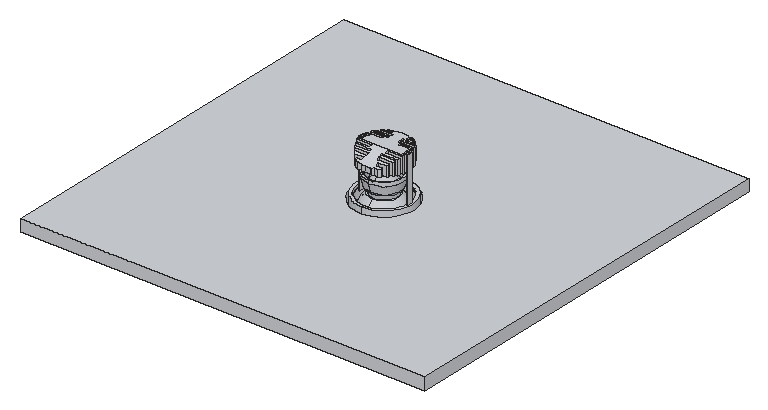
Revit family "Ambiance-L100", category Lighting Fixtures, Revit 2014
Parameters (values of type "Quinta C100 Round")
  Wattage Comments = "8.3"
  Wattage = 8.3 W
  built-in parameter 1150110 = 1 (stored number, unit not read)
  Type Comments = "Recessed"
  Type = "Quninta C100"
  built-in parameter 1114217 = 1 (stored number, unit not read)
  Tilt Angle = 90.00°
  built-in parameter 1150109 = 1 (stored number, unit not read)
  built-in parameter 1150134 = (empty or 0)
  built-in parameter 1150113 = 1 (stored number, unit not read)
  Photometric Web File = "G0160-250mA.ies"
  O/A Diameter (mm) = "100"
  Model = "Quinta C100"
  Manufacturer = "Designed Architectural Lighting"
  Luminous flux of luminaire (lm) = "Up to 1050 lumens"
  Lumens = 1049.95 lm
  built-in parameter 1150115 = 1 (stored number, unit not read)
  built-in parameter 1150105 = 83.552 (stored number, unit not read)
  built-in parameter 1150137 = (empty or 0)
  built-in parameter 1150139 = (empty or 0)
  built-in parameter 1150112 = 1 (stored number, unit not read)
  built-in parameter 1150114 = 1 (stored number, unit not read)
  Lamp = "LED"
  built-in parameter 1150132 = (empty or 0)
  built-in parameter 1150102 = (empty or 0)
  built-in parameter 1150138 = (empty or 0)
  built-in parameter 1150107 = 3000 (stored number, unit not read)
  built-in parameter 1150106 = 0.83552 (stored number, unit not read)
  Height (mm) = "67"
  built-in parameter 1150104 = 11.752 (stored number, unit not read)
  Dimming Lamp Color Temperature Shift = <None>
  Description = "Recessed directional LED downlighter"
  Cut Out (mm) = "90"
  Colour temperature (K) = "2700 / 3000 / 4000"
  Color Filter = 16777215
  CRI = "80"
  built-in parameter 1114218 = 1 (stored number, unit not read)
  built-in parameter 1150133 = 10 (stored number, unit not read)
  Apparent Load = 8.3 VA
  Aperture (mm) = "68"
Reference planes
  plane 1 "Light Source Axis (F/B)": y = 0
  plane 2: z = 0
  plane 3 "Light Source Axis (L/R)": x = 0
  plane 4 "Light Source Elevation": z = 0
Forms (mm)
  Extrusion 1, solid
    sketch origin (-38.915, -66.181, 0) x (1, 0, 0) y (0, 1, 0)
      loop
        line (-261.085, 366.181) -> (-261.085, -233.819) -> (338.915, -233.819) -> (338.915, 366.181) -> (-261.085, 366.181)
      loop
        circle (38.915, 66.181) r 45
    from 0 to 18
  Revolve 2, solid
    sketch origin (0, 0, 23.75) x (0, 1, 0) y (0, 0, 1)
      loop
        line (0, 43.162) -> (15, 43.162) -> (15, 46.138) -> (0, 46.138) -> (0, 43.162)
      axis (0, 46.138) -> (0, 43.162)
    angle from 0 to 360
  Extrusion 3, solid
    sketch origin (-134.655, 0, 0) x (1, 0, 0) y (0, 1, 0)
      loop
        line (137.741, 33.016) -> (133.896, 33.016) -> (128.121, 33.016) -> (126.853, 31.748) -> (121.853, 31.748) -> (117.155, 30.037) -> (117.155, 29.216) -> (124.321, 29.216) -> (124.321, 26.255) -> (112.585, 26.255) -> (110.97, 24.64) -> (110.97, 23.63) -> (128.13, 23.63) -> (128.13, 20.669) -> (107.74, 20.669) -> (106.495, 19.424) -> (106.495, 18.381) -> (128.13, 18.381) -> (128.13, 15.488) -> (104.981, 15.488) -> (104.106, 15.488) -> (104.106, 12.46) -> (123.689, 12.46) -> (123.689, 9.633) -> (102.761, 9.633) -> (101.818, 9.633) -> (101.818, 7.413) -> (106.495, 7.413) -> (106.495, 4.25) -> (100.944, 4.25) -> (100.944, 1.424) -> (105.944, 1.424) -> (105.944, -1.604) -> (100.944, -1.604) -> (100.944, -3.997) -> (105.944, -3.997) -> (105.944, -7.272) -> (101.818, -7.272) -> (101.818, -9.508) -> (123.689, -9.508) -> (123.689, -13.008) -> (104.106, -13.008) -> (104.106, -15.296) -> (128.13, -15.296) -> (128.13, -18.189) -> (106.495, -18.189) -> (106.495, -19.23) -> (108.15, -20.885) -> (128.13, -20.885) -> (128.13, -23.693) -> (110.958, -23.693) -> (110.958, -24.678) -> (112.459, -26.178) -> (125.077, -26.178) -> (125.077, -29.146) -> (117.128, -29.146) -> (117.128, -30.167) -> (120.985, -31.965) -> (127.151, -31.965) -> (128.408, -33.223) -> (132.466, -33.223) -> (139.171, -33.223) -> (143.228, -33.223) -> (144.486, -31.965) -> (150.652, -31.965) -> (154.509, -30.167) -> (154.509, -29.146) -> (146.56, -29.146) -> (146.56, -26.178) -> (159.178, -26.178) -> (160.679, -24.678) -> (160.679, -23.693) -> (143.507, -23.693) -> (143.507, -20.885) -> (163.487, -20.885) -> (165.142, -19.23) -> (165.142, -18.189) -> (143.507, -18.189) -> (143.507, -15.296) -> (167.53, -15.296) -> (167.53, -13.008) -> (147.948, -13.008) -> (147.948, -9.508) -> (169.818, -9.508) -> (169.818, -7.272) -> (165.693, -7.272) -> (165.693, -3.997) -> (170.693, -3.997) -> (170.693, -1.604) -> (165.693, -1.604) -> (165.693, 1.424) -> (170.693, 1.424) -> (170.693, 4.25) -> (165.142, 4.25) -> (165.142, 7.413) -> (169.818, 7.413) -> (169.818, 9.633) -> (168.876, 9.633) -> (147.948, 9.633) -> (147.948, 12.46) -> (167.53, 12.46) -> (167.53, 15.488) -> (166.656, 15.488) -> (143.507, 15.488) -> (143.507, 18.381) -> (165.142, 18.381) -> (165.142, 19.424) -> (163.897, 20.669) -> (143.507, 20.669) -> (143.507, 23.63) -> (160.667, 23.63) -> (160.667, 24.64) -> (159.052, 26.255) -> (147.316, 26.255) -> (147.316, 29.216) -> (154.482, 29.216) -> (154.482, 30.037) -> (149.784, 31.748) -> (144.784, 31.748) -> (143.515, 33.016) -> (137.741, 33.016)
    from 66.912 to 90.138
  Extrusion 4, void
    sketch origin (0, 0.396, 26.303) x (0, 1, 0) y (0, 0, 1)
      loop
        line (-1.593, 64.492) -> (-1.593, 65.51) -> (-35.799, 65.51) -> (-35.799, 45.51)
        arc (-35.799, 45.51) -> (-20.941, 59.046) -> (-1.593, 64.492) r 43.666
    from -36.333 to 39.554
  Extrusion 5, void
    sketch origin (0, -0.827, 26.828) x (0, 1, 0) y (0, 0, 1)
      loop
        line (33.846, 38.172) -> (33.846, 50.633) -> (31.273, 49.433)
        arc (31.273, 49.433) -> (28.183, 45.18) -> (23.183, 43.555) r 8.507
        line (23.183, 43.555) -> (15.488, 43.555) -> (15.488, 38.172) -> (33.846, 38.172)
    from -36.333 to 36.038
  Revolve 6, solid
    sketch origin (0, 0, 0) x (0, 1, 0) y (0, 0, 1)
      loop
        line (8.337, 67.46) -> (5.763, 67.46)
        arc (5.763, 67.46) -> (13.427, 52.988) -> (20.112, 38.039) r 246.294
        line (20.112, 38.039) -> (22.315, 38.039) -> (22.315, 39.854) -> (20.015, 39.854)
        arc (20.015, 39.854) -> (14.897, 53.962) -> (8.337, 67.46) r 143.9
      axis (0, 67.46) -> (0, 38.039)
    angle from 0 to 360
  Revolve 7, solid
    sketch origin (0, 0, 0) x (0, 1, 0) y (0, 0, 1)
      loop
        line (28.122, 54.782) -> (25.915, 54.782) -> (25.567, 49.794) -> (22.578, 49.794) -> (22.578, 37.885) -> (20.096, 37.885) -> (20.096, 36.34) -> (20.762, 35.674) -> (22.843, 35.674)
        arc (22.843, 35.674) -> (23.694, 35.902) -> (24.317, 36.525) r 1.701
        line (24.317, 36.525) -> (28.122, 49.794) -> (28.122, 54.782)
      axis (0, 54.782) -> (0, 35.674)
    angle from 0 to 360
  Revolve 8, solid
    sketch origin (0, 0, 0) x (0, 1, 0) y (0, 0, 1)
      loop
        line (-38.485, 4.37) -> (-39.519, 4.37) -> (-39.519, -2.68) -> (-34.519, -2.68)
        arc (-34.519, -2.68) -> (-29.188, 13.05) -> (-20.075, 26.935) r 65.528
        line (-20.075, 26.935) -> (-21.662, 26.935)
        arc (-21.662, 26.935) -> (-30.486, 13.473) -> (-35.126, -1.94) r 56.119
        line (-35.126, -1.94) -> (-38.485, -1.94) -> (-38.485, 4.37)
      axis (0, 26.935) -> (0, -2.68)
    angle from 0 to 360
  Revolve 9, solid
    sketch origin (0, 0, 0) x (0, 1, 0) y (0, 0, 1)
      loop
        line (49.954, 0) -> (41.578, 0) -> (41.578, 24.639) -> (36.954, 24.639) -> (36.954, 22.603) -> (38.262, 22.603) -> (38.262, 18.679) -> (39.55, 18.679) -> (39.55, -2.763) -> (49.954, -2.763) -> (49.954, 0)
      axis (0, 24.639) -> (0, -2.763)
    angle from 0 to 360
  Extrusion 10, solid
    sketch origin (0, 0, 0) x (1, 0, 0) y (0, 1, 0)
      loop
        line (-35.306, 4.25) -> (-35.306, -3.997) -> (-33.711, -3.997) -> (-33.711, 4.25) -> (-35.306, 4.25)
    from 18.679 to 90.138
  Extrusion 11, solid
    sketch origin (71.418, 0, 0) x (1, 0, 0) y (0, 1, 0)
      loop
        line (-35.306, 4.25) -> (-35.306, -3.997) -> (-33.711, -3.997) -> (-33.711, 4.25) -> (-35.306, 4.25)
    from 18.679 to 90.138
Cuts and joins
  Extrusion 4, Extrusion 5 cuts Extrusion 3
Dimensions and locks
  aligned and locked: plane 3 "Light Source Axis (L/R)" to imposter light
  aligned and locked: plane 1 "Light Source Axis (F/B)" to imposter light
  aligned and locked: plane 4 "Light Source Elevation" to imposter light
  aligned and locked: level to plane 2
